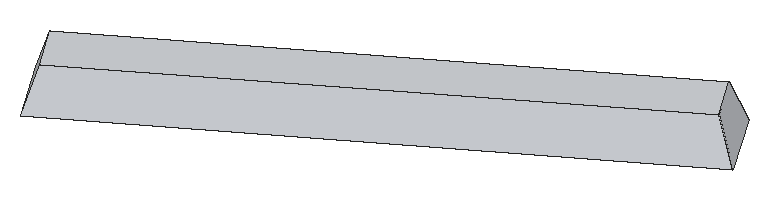
Revit family "Parking Stall_Angled", category Parking, Revit 2024
Family settings
  Work Plane-Based = Yes
  Always vertical = No
  Cut with Voids When Loaded = No
  Shared = No
Parameters (values of type "Standard")
  W = 9' - 0"
  Type Comments = "Standard"
  L = 23' - 0"
  EA_Repath [instance] = 0' - 0"
  Default Elevation = 4' - 0"
Reference planes (in)
  plane 1 "Back": y = 0
  plane 2: z = 0
  plane 3 "Left": x = 0
  plane 4: x = 108
  plane 5: y = 276
  plane 6: x = 54
Lines and regions (in)
  model lines, style "Heavy"
    curve 1: line (0, 0, 0) -> (0, 276, 0)
    curve 3: line (108, 338.35383, 0) -> (108, 62.35383, 0)
  model lines, style "Light"
    curve 2: line (108, 62.35383, 0) -> (0, 0, 0)
Dimensions and locks (in)
  "L": plane 5 to plane 1 "Back"
  "W": plane 3 "Left" to plane 4
  equal spacing: plane 3 "Left", plane 6, plane 4
  "L": curve 3 to curve 3
  locked: plane 1 "Back" to curve 2 (angle 30.00°)
  aligned and locked: level to plane 2
  aligned and locked: plane 3 "Left" to curve 1
  aligned and locked: curve 3 to plane 4
Automatic sketch dimensions
  plane 1 "Back" to curve 2 = 0' - 0"
  curve 1 to plane 5 = 0' - 0"
Nested families (in)
  nested 1: "stoper" at (54, 49.17691, 0) x (0.866, 0.5, 0) z (0, 0, 1), type "stoper"
Definition of nested family "stoper"
  Parameters (values of type "stoper")
    w = 1' - 0"  # constant formula
    l = 7' - 0"  # constant formula
    delta = 0' - 2"  # constant formula
  Reference planes (in)
    plane 1 "Center (Front/Back)": y = 0
    plane 2: z = 0
    plane 3 "Center (Left/Right)": x = 0
  Forms (in)
    Blend 1, solid
      base sketch origin (0, 0, 0) x (1, 0, 0) y (0, 1, 0)
        loop
          line (-42, 6) -> (-42, -6) -> (42, -6) -> (42, 6) -> (-42, 6)
      top sketch origin (0, 0, 0) x (1, 0, 0) y (0, 1, 0)
        loop
          line (-40, 4) -> (-40, -4) -> (40, -4) -> (40, 4) -> (-40, 4)
      from 0 to 6
  Dimensions and locks (in)
    equal spacing: Blend 1 sketch curve, plane 3 "Center (Left/Right)", Blend 1 sketch curve
    "l": Blend 1 sketch curve to Blend 1 sketch curve
    equal spacing: Blend 1 sketch curve, plane 1 "Center (Front/Back)", Blend 1 sketch curve
    "w": Blend 1 sketch curve to Blend 1 sketch curve
    "delta": Blend 1 sketch curve to var sketch  (x3)
    "delta": var sketch to Blend 1 sketch curve
    aligned and locked: level to plane 2
